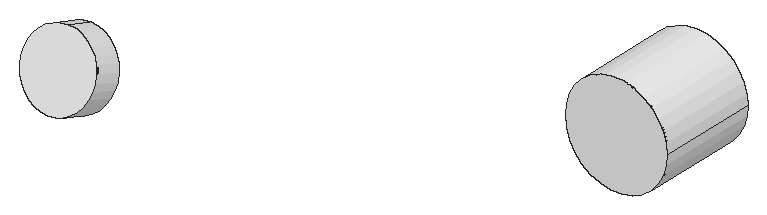
Revit family "Deca_Torneira de tanque com derivação para maquina_Torneira Uso Geral_1155.20", category Plumbing Fixtures, host Face, Revit 2019 (continued)
Lines and regions (mm)
  symbolic lines
    curve 410: line (0, 6.034, 68.16) -> (0, 6.034, 76.542)
    curve 411: arc (0, 2.453, 63.57) -> (0, 4.194, 65.904) -> (0, 6.034, 68.16) r 67.657
    curve 412: arc (0, 6.034, 76.542) -> (0, 4.152, 78.549) -> (0, 2.354, 80.631) r 66.673
    curve 413: arc (0, 2.192, 80.825) -> (0, 4.653, 84.819) -> (0, 6.997, 88.883) r 162.247
    curve 414: line (0, 6.997, 88.883) -> (0, 8.188, 91.176)
    curve 415: arc (0, 11.671, 51.671) -> (0, 7.095, 57.646) -> (0, 2.453, 63.57) r 691.739
    curve 416: arc (0, 2.192, 80.825) -> (0, -0.027, 72.362) -> (0, 2.192, 63.9) r 17.247
    curve 417: arc (0, 6.034, 76.542) -> (0, 4.468, 72.351) -> (0, 6.034, 68.16) r 6.393
    curve 418: line (0, 18.558, 85.344) -> (0, 20.632, 85.415)
    curve 419: line (0, 19.436, 59.168) -> (0, 20.632, 59.125)
    curve 420: arc (0, 6.034, 68.16) -> (0, 9.583, 66.35) -> (0, 12.847, 64.066) r 28.76
    curve 421: arc (0, 12.847, 64.066) -> (0, 16.092, 61.551) -> (0, 19.436, 59.168) r 101.676
    curve 422: arc (0, 6.034, 76.542) -> (0, 9.166, 78.065) -> (0, 12.051, 80.016) r 24.551
    curve 423: arc (0, 12.051, 80.016) -> (0, 15.183, 82.602) -> (0, 18.186, 85.338) r 83.047
    curve 424: line (0, -35.923, 45.928) -> (0, -35.497, 47.517)
    curve 425: line (0, -44.456, 45.928) -> (0, -45.014, 48.008)
    curve 426: arc (0, -35.323, 54.553) -> (0, -35.298, 50.901) -> (0, -35.566, 47.258) r 45.49
    curve 427: arc (0, -45.014, 48.008) -> (0, -45.266, 51.623) -> (0, -45.014, 55.238) r 26.026
    curve 428: line (0, -44.456, 18.661) -> (0, -35.923, 18.661)
    curve 429: line (0, -44.456, 18.27) -> (0, -35.923, 18.27)
    curve 430: line (0, -44.456, 61.881) -> (0, -35.923, 61.881)
    curve 431: line (0, -44.456, 62.269) -> (0, -35.923, 62.269)
    curve 432: line (0, -21.243, 27.731) -> (0, -33.192, 27.315)
    curve 433: line (0, -21.243, 52.807) -> (0, -33.192, 53.227)
    curve 434: line (0, -11.937, 73.999) -> (0, -11.937, 61.803)
    curve 435: arc (0, -26.821, 98.694) -> (0, -29.777, 99.1) -> (0, -32.054, 97.172) r 3.663
    curve 436: arc (0, -11.937, 73.999) -> (0, -15.946, 88.415) -> (0, -26.821, 98.694) r 27.928
    curve 437: arc (0, -23.12, 121.748) -> (0, -22.916, 119.013) -> (0, -20.952, 117.099) r 3.874
    curve 438: arc (0, -20.952, 117.099) -> (0, -3.207, 107.986) -> (0, 8.489, 91.825) r 42.848
    curve 439: line (0, -23.12, 121.748) -> (0, -25.187, 122.499)
    curve 440: line (0, -29.802, 125.166) -> (0, -25.152, 123.473)
    curve 441: arc (0, -25.187, 122.499) -> (0, -24.967, 122.993) -> (0, -25.187, 123.486) r 0.662
    curve 442: line (0, -34.13, 97.928) -> (0, -32.054, 97.172)
    curve 443: line (0, -34.852, 97.206) -> (0, -39.503, 99)
    curve 444: arc (0, -34.13, 97.928) -> (0, -34.256, 97.332) -> (0, -34.852, 97.206) r 0.559
    curve 445: line (0, -39.701, 98.708) -> (0, -43.835, 100.214)
    curve 446: line (0, -34.73, 97.159) -> (0, -39.503, 99)
    curve 447: line (0, -43.984, 100.528) -> (0, -44.492, 101.618)
    curve 448: line (0, -44.492, 101.618) -> (0, -35.94, 125.117)
    curve 449: line (0, -47.063, 109.736) -> (0, -43.405, 108.406)
    curve 450: line (0, -49.003, 111.347) -> (0, -47.063, 109.736)
    curve 451: line (0, -52.762, 112.717) -> (0, -49.293, 110.551)
    curve 452: line (0, -56.52, 114.084) -> (0, -53.053, 111.916)
    curve 453: line (0, -56.811, 113.285) -> (0, -59.327, 115.175)
    curve 454: line (0, -55.354, 125.473) -> (0, -52.433, 125.315)
    curve 455: line (0, -48.676, 123.946) -> (0, -52.724, 124.514)
    curve 456: line (0, -44.915, 122.577) -> (0, -48.965, 123.149)
    curve 457: line (0, -42.685, 121.766) -> (0, -45.205, 121.78)
    curve 458: line (0, -39.027, 120.436) -> (0, -42.685, 121.766)
    curve 459: line (0, -52.648, 124.722) -> (0, -56.811, 113.285)
    curve 460: line (0, -53.053, 111.916) -> (0, -48.891, 123.353)
    curve 461: line (0, -49.293, 110.551) -> (0, -45.13, 121.984)
    curve 462: line (0, -47.063, 109.736) -> (0, -42.901, 121.173)
    curve 463: line (0, -43.405, 108.406) -> (0, -39.242, 119.843)
    curve 464: line (0, -43.525, 105.153) -> (0, -37.356, 122.107)
    curve 465: line (0, -55.354, 125.473) -> (0, -59.327, 115.175)
    curve 466: arc (0, -43.525, 105.153) -> (0, -42.675, 106.863) -> (0, -43.311, 108.664) r 2.45
    curve 467: arc (0, -39.027, 120.436) -> (0, -38.006, 121.086) -> (0, -37.356, 122.107) r 2.796
    curve 468: line (0, -44.456, 44.418) -> (0, -35.923, 44.418)
    curve 469: line (0, 20.632, 59.02) -> (0, 36.433, 59.02)
    curve 470: line (0, 36.433, 85.521) -> (0, 20.632, 85.521)
    curve 471: line (0, 24.873, 0) -> (0, -25.127, 0)
    curve 472: line (0, -35.923, 19.96) -> (0, -44.456, 19.96)
    curve 473: arc (0, 19.436, 59.168) -> (0, 13.946, 56.894) -> (0, 11.671, 51.403) r 7.765
    curve 474: line (0, 58.683, 49.048) -> (0, 58.683, 94.771)
    curve 475: line (0, 48.683, 81.356) -> (0, 48.683, 94.771)
    curve 476: line (0, 48.683, 61.74) -> (0, 48.683, 49.048)
    curve 477: arc (0, 58.683, 94.771) -> (0, 53.683, 99.771) -> (0, 48.683, 94.771) r 5
    curve 478: arc (0, 58.683, 49.048) -> (0, 53.683, 44.048) -> (0, 48.683, 49.048) r 5
    curve 479: line (0, 58.634, 87.842) -> (0, 48.632, 87.842)
    curve 480: line (0, 48.632, 56.698) -> (0, 58.634, 56.698)
    curve 481: line (0, 46.65, 63.923) -> (0, 46.65, 80.617)
    curve 482: arc (0, 48.683, 74.806) -> (0, 48.411, 76.204) -> (0, 47.635, 77.398) r 3.731
    curve 483: arc (0, 48.683, 81.356) -> (0, 48.459, 80.346) -> (0, 47.829, 79.526) r 2.389
    curve 484: arc (0, 47.635, 77.398) -> (0, 47.245, 78.507) -> (0, 47.829, 79.526) r 1.411
    curve 485: arc (0, 48.683, 61.74) -> (0, 48.413, 63.656) -> (0, 47.626, 65.424) r 6.953
    curve 486: line (0, 48.683, 74.806) -> (0, 48.683, 68.987)
    curve 487: arc (0, 48.683, 68.987) -> (0, 48.114, 67.841) -> (0, 47.406, 66.775) r 10.19
    curve 488: arc (0, 47.406, 66.775) -> (0, 47.38, 66.078) -> (0, 47.626, 65.424) r 1.771
    curve 489: arc (0, -5.887, 51.139) -> (0, -9.277, 56.264) -> (0, -11.937, 61.803) r 45.016
    curve 490: line (0, -25.434, 121.822) -> (0, -34.346, 97.339)
    curve 491: arc (0, -26.821, 98.694) -> (0, -23.935, 107.643) -> (0, -20.922, 116.551) r 664.552
    curve 492: line (0, -23.392, 120.979) -> (0, -27.332, 110.17)
    curve 493: line (0, -32.056, 97.173) -> (0, -27.36, 110.099)
    curve 494: line (0, -30.205, 124.059) -> (0, -34.81, 125.734)
    curve 495: line (0, -30.501, 123.248) -> (0, -35.105, 124.923)
    curve 496: line (0, -30.869, 122.238) -> (0, -35.472, 123.913)
    curve 497: line (0, -31.304, 121.042) -> (0, -35.907, 122.718)
    curve 498: line (0, -36.092, 121.487) -> (0, -31.957, 119.98)
    curve 499: line (0, -31.797, 119.687) -> (0, -36.401, 121.363)
    curve 500: line (0, -32.34, 118.195) -> (0, -36.944, 119.871)
    curve 501: line (0, -32.299, 119.039) -> (0, -36.434, 120.545)
    curve 502: line (0, -37.013, 118.957) -> (0, -32.878, 117.451)
    curve 503: line (0, -33.488, 115.768) -> (0, -37.623, 117.271)
    curve 504: line (0, -37.856, 116.636) -> (0, -33.721, 115.13)
    curve 505: line (0, -34.127, 114.019) -> (0, -38.261, 115.521)
    curve 506: line (0, -38.498, 114.869) -> (0, -34.363, 113.366)
    curve 507: line (0, -34.776, 112.233) -> (0, -38.911, 113.74)
    curve 508: line (0, -39.15, 113.08) -> (0, -35.016, 111.577)
    curve 509: line (0, -35.425, 110.448) -> (0, -39.56, 111.955)
    curve 510: line (0, -35.444, 109.669) -> (0, -40.048, 111.344)
    curve 511: line (0, -35.779, 108.748) -> (0, -40.383, 110.424)
    curve 512: line (0, -36.065, 107.962) -> (0, -40.668, 109.641)
    curve 513: line (0, -36.386, 107.08) -> (0, -40.99, 108.754)
    curve 514: line (0, -36.386, 107.08) -> (0, -40.99, 108.754)
    curve 515: line (0, -41.038, 107.898) -> (0, -36.903, 106.395)
    curve 516: line (0, -36.962, 105.498) -> (0, -41.566, 107.174)
    curve 517: line (0, -37.496, 104.031) -> (0, -42.1, 105.707)
    curve 518: line (0, -41.606, 106.335) -> (0, -37.471, 104.829)
    curve 519: line (0, -37.977, 102.709) -> (0, -42.581, 104.385)
    curve 520: line (0, -38.399, 101.551) -> (0, -43.002, 103.227)
    curve 521: line (0, -38.752, 100.581) -> (0, -43.355, 102.257)
    curve 522: line (0, -39.03, 99.815) -> (0, -43.634, 101.491)
    curve 523: line (0, -39.231, 99.265) -> (0, -43.834, 100.941)
    curve 524: line (0, -38.399, 101.551) -> (0, -43.002, 103.227)
    curve 525: line (0, -39.231, 99.265) -> (0, -43.834, 100.941)
    curve 526: line (0, -32.34, 118.195) -> (0, -36.944, 119.871)
    curve 527: line (0, -34.088, 126.99) -> (0, -29.953, 125.484)
    curve 528: line (0, -35.496, 126.334) -> (0, -34.088, 126.99)
    curve 529: arc (0, 46.65, 63.923) -> (0, 48.086, 63.329) -> (0, 48.681, 61.892) r 2.031
    curve 530: arc (0, 46.65, 80.617) -> (0, 48.087, 81.213) -> (0, 48.683, 82.65) r 2.033
    curve 531: line (0, -31.767, 120.503) -> (0, -35.901, 122.009)
    curve 532: line (0, -31.767, 120.503) -> (0, -35.901, 122.009)
    curve 533: line (0, -35.591, 122.859) -> (0, -31.456, 121.353)
    curve 534: line (0, -30.869, 122.238) -> (0, -35.472, 123.913)
    curve 535: line (0, -30.501, 123.248) -> (0, -35.105, 124.923)
    curve 536: line (0, -30.205, 124.059) -> (0, -34.81, 125.734)
    curve 537: line (0, -29.989, 124.655) -> (0, -34.592, 126.331)
    curve 538: line (0, -30.501, 123.248) -> (0, -35.105, 124.923)
    curve 539: line (0, -30.869, 122.238) -> (0, -35.472, 123.913)
    curve 540: line (0, -31.304, 121.042) -> (0, -35.907, 122.718)
    curve 541: line (0, -31.797, 119.687) -> (0, -36.401, 121.363)
    curve 542: line (0, -32.299, 119.039) -> (0, -36.434, 120.545)
    curve 543: line (0, -32.34, 118.195) -> (0, -36.944, 119.871)
    curve 544: line (0, -37.013, 118.957) -> (0, -32.878, 117.451)
    curve 545: line (0, -33.1, 116.841) -> (0, -37.235, 118.347)
    curve 546: line (0, -33.488, 115.768) -> (0, -37.623, 117.271)
    curve 547: line (0, -33.488, 115.768) -> (0, -37.623, 117.271)
    curve 548: line (0, -34.127, 114.019) -> (0, -38.261, 115.521)
    curve 549: line (0, -37.856, 116.636) -> (0, -33.721, 115.13)
    curve 550: line (0, -38.498, 114.869) -> (0, -34.363, 113.366)
    curve 551: line (0, -34.776, 112.233) -> (0, -38.911, 113.74)
    curve 552: line (0, -39.15, 113.08) -> (0, -35.016, 111.577)
    curve 553: line (0, -35.425, 110.448) -> (0, -39.56, 111.955)
    curve 554: line (0, -37.013, 118.957) -> (0, -32.878, 117.451)
    curve 555: line (0, -32.34, 118.195) -> (0, -36.944, 119.871)
    curve 556: line (0, -31.797, 119.687) -> (0, -36.401, 121.363)
    curve 557: line (0, -36.092, 121.487) -> (0, -31.957, 119.98)
    curve 558: line (0, -31.304, 121.042) -> (0, -35.907, 122.718)
    curve 559: line (0, -30.869, 122.238) -> (0, -35.472, 123.913)
    curve 560: line (0, -30.501, 123.248) -> (0, -35.105, 124.923)
    curve 561: line (0, -30.205, 124.059) -> (0, -34.81, 125.734)
    curve 562: line (0, 36.934, 85.02) -> (0, 36.934, 59.521)
    curve 563: line (0, -38.752, 100.581) -> (0, -43.355, 102.257)
    curve 564: line (0, -39.231, 99.265) -> (0, -43.834, 100.941)
    curve 565: line (0, -38.752, 100.581) -> (0, -43.355, 102.257)
    curve 566: line (0, -39.03, 99.815) -> (0, -43.634, 101.491)
    curve 567: line (0, -38.399, 101.551) -> (0, -43.002, 103.227)
    curve 568: line (0, -38.752, 100.581) -> (0, -43.355, 102.257)
    curve 569: line (0, -37.977, 102.709) -> (0, -42.581, 104.385)
    curve 570: line (0, -37.977, 102.709) -> (0, -42.581, 104.385)
    curve 571: line (0, -37.496, 104.031) -> (0, -42.1, 105.707)
    curve 572: line (0, -37.496, 104.031) -> (0, -42.1, 105.707)
    curve 573: line (0, -37.977, 102.709) -> (0, -42.581, 104.385)
    curve 574: line (0, -37.806, 103.908) -> (0, -41.941, 105.411)
    curve 575: line (0, -41.606, 106.335) -> (0, -37.471, 104.829)
    curve 576: line (0, -36.962, 105.498) -> (0, -41.566, 107.174)
    curve 577: line (0, -41.038, 107.898) -> (0, -36.903, 106.395)
    curve 578: line (0, -36.386, 107.08) -> (0, -40.99, 108.754)
    curve 579: line (0, -36.065, 107.962) -> (0, -40.668, 109.641)
    curve 580: line (0, -35.779, 108.748) -> (0, -40.383, 110.424)
    curve 581: line (0, -42.594, 103.622) -> (0, -38.459, 102.115)
    curve 582: line (0, -39.03, 99.815) -> (0, -43.634, 101.491)
    curve 583: line (0, -39.231, 99.265) -> (0, -43.834, 100.941)
    curve 584: line (0, -42.992, 102.521) -> (0, -38.858, 101.015)
    curve 585: line (0, -38.752, 100.581) -> (0, -43.355, 102.257)
    curve 586: line (0, -39.03, 99.815) -> (0, -43.634, 101.491)
    curve 587: line (0, -38.293, 102.567) -> (0, -42.428, 104.073)
    curve 588: line (0, -42.128, 104.899) -> (0, -37.993, 103.396)
    curve 589: line (0, -41.606, 106.335) -> (0, -37.471, 104.829)
    curve 590: line (0, -41.606, 106.335) -> (0, -37.471, 104.829)
    curve 591: line (0, -36.962, 105.498) -> (0, -41.566, 107.174)
    curve 592: line (0, -35.779, 108.748) -> (0, -40.383, 110.424)
    curve 593: line (0, -36.065, 107.962) -> (0, -40.668, 109.641)
    curve 594: line (0, -35.425, 110.448) -> (0, -39.56, 111.955)
    curve 595: line (0, -39.15, 113.08) -> (0, -35.016, 111.577)
    curve 596: line (0, -38.498, 114.869) -> (0, -34.363, 113.366)
    curve 597: line (0, -33.873, 113.983) -> (0, -38.477, 115.659)
    curve 598: line (0, -33.488, 115.768) -> (0, -37.623, 117.271)
    curve 599: line (0, -32.924, 116.59) -> (0, -37.527, 118.269)
    curve 600: line (0, -33.1, 116.841) -> (0, -37.235, 118.347)
    curve 601: line (0, -37.013, 118.957) -> (0, -32.878, 117.451)
    curve 602: line (0, -32.299, 119.039) -> (0, -36.434, 120.545)
    curve 603: line (0, -29.989, 124.655) -> (0, -39.231, 99.265)
    curve 604: line (0, -34.592, 126.331) -> (0, -43.834, 100.941)
Dimensions and locks
  aligned and locked: plane 2 to host face
  aligned and locked: level to host face
Connectors
  piping at (0, -0.127, 0), diameter 15, driven by "Raio Água Fria"
    settings: on free form element, index 1, connector inside diameter 609.6 mm, connector length 0 mm, flow factor 0, pipe flow 0.0 L/s, pressure drop 0.0 Pa, fitting loss kfactor 0, connector angle 0.00°, fixture units 0, engagement length 0 mm, angle of deflection 0.00°, flow configuration 3, flow direction 1, fitting loss method 4, system type 20, joint type 0, gender type 0, connector reference index -1, connector utility 0, adjustable connector no, is connector primary yes, connector description ""
